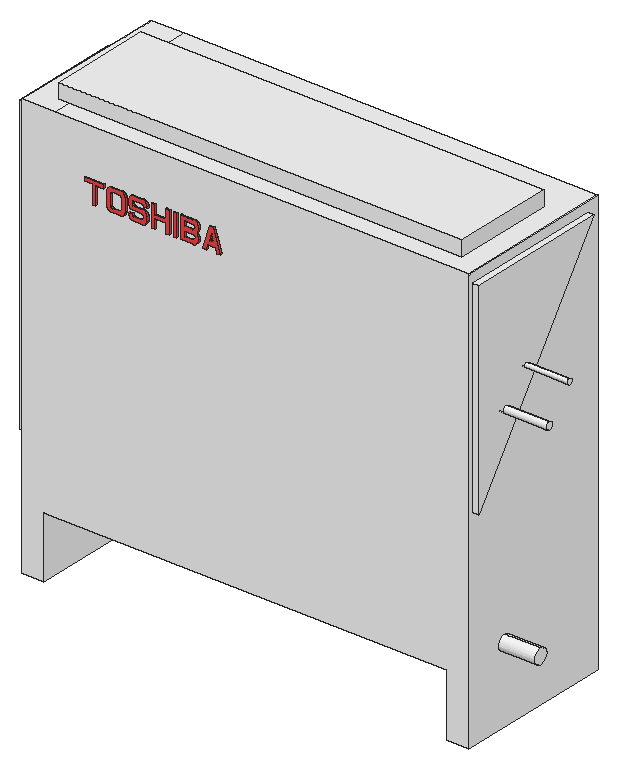
Revit family "VRF_MML1BH_07-12_Indoor Unit", category Mechanical Equipment, Revit 2017
Family settings
  Round Connector Dimension = Use Diameter
  Part Type = Breaks Into
  OmniClass Number = 23.75.00.00
  OmniClass Title = Climate Control (HVAC)
  Work Plane-Based = No
  Always vertical = Yes
  Cut with Voids When Loaded = No
  Shared = No
  Room Calculation Point = No
Parameters (values of type "MML-UP0071BH-E")
  Width (mm) = 735 mm
  Wholesaler Art. No. = ""
  Wholesaler = ""
  White = Colour RGB-255 255 255
  Weight (Kg) = "21"
  Watermarked By = ""
  Voltage (V) = "60Hz 220V"
  URL = "https://www.toshiba-carrier.co.jp/global/"
  Top Clearance [instance] = "Free"
  Static pressure Pa = "-"
  Starting current = "0.60"
  Stabu Code = ""
  Sound pressure  (dB)- Mid = "34"
  Sound pressure (dB)- Low = "32"
  Sound pressure  (dB)- High = "36"
  Running current-Heating = "-"
  Right Side Clearance [instance] = 220 mm
  Service Area [instance] = no
  Seasonal and Rated Efficiency = "-"
  Running current-Cooling (A) = "0.25"
  Revit Version = ""
  Refrigerant information = "R410A"
  Red = Colour RGB-255 000 000
  Rated efficiency = "-"
  Product Line = "TCC"  # constant formula
  Power consumption-Heating = "-"
  Power consumption-Cooling (Kw) = "0.056"
  Power Consumption W- Mid = "50"
  Power Consumption W- Low = "39"
  Power Consumption W- High = "56"
  Piping diameter Liquid (mm) = 6.4 mm
  Piping diameter Gas (mm) = 9.5 mm
  Part Load = "-"
  Model = "MML-UP0071BH-E"
  Manufacturer URL = "https://www.toshiba-carrier.co.jp/global/"
  Manufacturer Art. No. = "MML-UP0071BH-E"
  Manufacturer = "Toshiba"  # constant formula
  MOCP (A) = "15"
  MEPcontent Class = "HEATPUMP"  # constant formula
  MCA (A) = "0.36"
  Left Side Clearance [instance] = 220 mm
  Internal Art. No. = ""
  Height (mm) = 600 mm
  GTIN = ""
  GLN = ""
  Frequency (Hz) = "50Hz 220-240V"
  Family Version = ""
  Energy class = "-"
  ETIM Article Class = "EC001213"  # constant formula
  EMCS = "4"  # constant formula
  Duct diameters(mm) = "-"
  Drain pipe(mm) = "20"
  Description = "Console concealed"
  Depth (mm) = 220 mm
  Custom = yes
  Copyright = "©Toshiba / HCL"  # constant formula
  Content Supplier URL = "www.hcltech.com"
  Connectivity = "-"
  Compressor detail-Type = "-"
  Compressor detail-Motor output kW = "-"
  Capacity = "-"
  Capacities KW - Heating = "2.5"
  Capacities KW - Cooling = "2.2"
  CB-NL Class = ""
  Base Family Version = ""
  Article Type = "MML-UP0071BH-E"
  Article Description = "Console concealed"
  Airflow m3/h- Mid = "400"
  Airflow m3/h- Low = "300"
  Airflow m3/h- High = "460"
Types (4, lengths in mm): name | Static pressure Pa | Model | Manufacturer Art. No. | Capacities KW - Heating | Capacities KW - Cooling | Article Type
  (no name) | "-" | "MML-UP0071BH-E" | "MML-UP0071BH-E" | "2.5" | "2.2" | "MML-UP0071BH-E"
  MML-UP0071BH-E | "-" | "MML-UP0071BH-E" | "MML-UP0071BH-E" | "2.5" | "2.2" | "MML-UP0071BH-E"
  MML-UP0091BH-E | "-" | "MML-UP0091BH-E" | "MML-UP0091BH-E" | "3.2" | "2.8" | "MML-UP0091BH-E"
  MML-UP0121BH-E | "0" | "MML-UP0121BH-E" | "MML-UP0121BH-E" | "4" | "3.6" | "MML-UP0121BH-E"
Reference planes
  plane 1 "Center (Front/Back)": y = 0
  plane 2: z = 0
  plane 3: x = 1053.854
  plane 4: z = 600
  plane 5: z = 300
  plane 6: y = -110
  plane 7: x = 1358.854
  plane 8: y = 110
  plane 9: z = 85
  plane 10: x = 1503.854
  plane 11: z = 129
  plane 12: z = 531
  plane 13: x = 998.854
  plane 14: z = 580
  plane 15: z = 397
  plane 16: z = 436
Forms (mm)
  Extrusion 1, solid, material "Colour RGB-255 255 255"
    sketch origin (-2.896, 0, 0) x (1, 0, 0) y (0, 0, 1)
      loop
        arc (1057.349, 580) -> (1056.925, 579.824) -> (1056.749, 579.4) r 0.6
        line (1056.749, 579.4) -> (1056.749, 0) -> (1086.749, 0) -> (1086.749, 85) -> (1636.749, 85) -> (1636.749, 0) -> (1666.749, 0) -> (1666.749, 579.4)
        arc (1666.749, 579.4) -> (1666.574, 579.824) -> (1666.149, 580) r 0.6
        line (1666.149, 580) -> (1101.104, 580) -> (1057.349, 580)
    from -110 to 110
  Extrusion 2, solid, material "Colour RGB-255 255 255" <- "White", detail levels medium+fine
    sketch origin (1663.854, 5, 482.953) x (0, 0, 1) y (0, 1, 0)
      loop
        circle (-85.953, -65) r 4.75
      loop
        circle (-46.953, -30) r 3.2
    from 0 to -70
  Extrusion 3, solid, material "Colour RGB-255 255 255" <- "White", detail levels fine
    sketch origin (1663.854, 0, 482.953) x (0, 0, 1) y (0, 1, 0)
      loop
        line (84.593, 91) -> (-195.407, -105) -> (84.593, -105) -> (84.593, 91)
    from -10 to 0
  Extrusion 4, solid, material "Colour RGB-255 255 255" <- "White", detail levels medium+fine
    sketch origin (1663.854, 0, 482.953) x (0, 0, 1) y (0, 1, 0)
      loop
        circle (-378.953, -50) r 10
    from -50.037 to 0
  Extrusion 5, solid, material "Colour RGB-255 255 255" <- "White", detail levels medium+fine
    sketch origin (-261.673, -1524, -20.03) x (-1, 0, 0) y (0, -1, 0)
      loop
        line (-1260.527, -1629) -> (-1260.527, -1479) -> (-1315.527, -1479) -> (-1315.527, -1629) -> (-1260.527, -1629)
    from 149.03 to 551.03
  Extrusion 6, solid, material "Colour RGB-255 255 255" <- "White", detail levels fine
    sketch origin (1663.854, 0, 482.953) x (0, 0, 1) y (0, 1, 0)
      loop
        circle (-309.095, 62.441) r 20
      loop
        circle (-241.44, 61.944) r 20
    from 665 to 668.048
  Extrusion 7, solid, material "Colour RGB-255 255 255" <- "White", detail levels medium+fine
    sketch origin (-261.673, -1524, -20.03) x (-1, 0, 0) y (0, -1, 0)
      loop
        line (-1345.527, -1579) -> (-1345.527, -1439) -> (-1895.527, -1439) -> (-1895.527, -1579) -> (-1345.527, -1579)
    from 600.03 to 620.03
  Extrusion 8, solid, material "Colour RGB-255 000 000", detail levels fine
    sketch origin (1166.988, -125, 1081.564) x (-1, 0, 0) y (0, 0, -1)
      loop
        line (25.611, 565.476) -> (25.611, 570.476) -> (15.611, 570.476) -> (15.611, 595.476) -> (10.611, 595.476) -> (10.611, 570.476) -> (0.611, 570.476) -> (0.611, 565.476) -> (25.611, 565.476)
      loop
        arc (-42.389, 577.663) -> (-40.268, 576.785) -> (-39.389, 574.663) r 3
        line (-39.389, 574.663) -> (-39.389, 573.476)
        arc (-39.389, 573.476) -> (-40.268, 571.355) -> (-42.389, 570.476) r 3
        line (-42.389, 570.476) -> (-51.389, 570.476)
        arc (-51.389, 570.476) -> (-53.51, 571.355) -> (-54.389, 573.476) r 3
        line (-54.389, 573.476) -> (-59.389, 573.476) -> (-59.389, 571.476)
        arc (-59.389, 571.476) -> (-57.632, 567.233) -> (-53.389, 565.476) r 6
        line (-53.389, 565.476) -> (-40.389, 565.476)
        arc (-40.389, 565.476) -> (-36.146, 567.233) -> (-34.389, 571.476) r 6
        line (-34.389, 571.476) -> (-34.389, 576.663)
        arc (-34.389, 576.663) -> (-36.146, 580.906) -> (-40.389, 582.663) r 6
        line (-40.389, 582.663) -> (-51.389, 582.663)
        arc (-51.389, 582.663) -> (-53.51, 583.542) -> (-54.389, 585.663) r 3
        line (-54.389, 585.663) -> (-54.389, 587.476)
        arc (-54.389, 587.476) -> (-53.51, 589.597) -> (-51.389, 590.476) r 3
        line (-51.389, 590.476) -> (-42.377, 590.476)
        arc (-42.377, 590.476) -> (-40.264, 589.601) -> (-39.389, 587.488) r 2.988
        line (-39.389, 587.488) -> (-34.389, 587.488) -> (-34.389, 589.476)
        arc (-34.389, 589.476) -> (-36.146, 593.719) -> (-40.389, 595.476) r 6
        line (-40.389, 595.476) -> (-53.389, 595.476)
        arc (-53.389, 595.476) -> (-57.632, 593.719) -> (-59.389, 589.476) r 6
        line (-59.389, 589.476) -> (-59.389, 583.663)
        arc (-59.389, 583.663) -> (-57.632, 579.421) -> (-53.389, 577.663) r 6
        line (-53.389, 577.663) -> (-42.389, 577.663)
      loop
        line (-4.389, 571.476) -> (-4.389, 589.476)
        arc (-4.389, 589.476) -> (-6.146, 593.719) -> (-10.389, 595.476) r 6
        line (-10.389, 595.476) -> (-23.389, 595.476)
        arc (-23.389, 595.476) -> (-27.632, 593.719) -> (-29.389, 589.476) r 6
        line (-29.389, 589.476) -> (-29.389, 571.476)
        arc (-29.389, 571.476) -> (-27.632, 567.233) -> (-23.389, 565.476) r 6
        line (-23.389, 565.476) -> (-10.389, 565.476)
        arc (-10.389, 565.476) -> (-6.146, 567.233) -> (-4.389, 571.476) r 6
      loop
        line (-65.014, 565.476) -> (-65.014, 595.476) -> (-70.014, 595.476) -> (-70.014, 582.663) -> (-85.014, 582.663) -> (-85.014, 595.476) -> (-90.014, 595.476) -> (-90.014, 565.476) -> (-85.014, 565.476) -> (-85.014, 577.663) -> (-70.014, 577.663) -> (-70.014, 565.476) -> (-65.014, 565.476)
      loop
        line (-9.389, 573.476) -> (-9.389, 587.476)
        arc (-9.389, 587.476) -> (-10.268, 589.597) -> (-12.389, 590.476) r 3
        line (-12.389, 590.476) -> (-21.389, 590.476)
        arc (-21.389, 590.476) -> (-23.51, 589.597) -> (-24.389, 587.476) r 3
        line (-24.389, 587.476) -> (-24.389, 573.476)
        arc (-24.389, 573.476) -> (-23.51, 571.355) -> (-21.389, 570.476) r 3
        line (-21.389, 570.476) -> (-12.389, 570.476)
        arc (-12.389, 570.476) -> (-10.268, 571.355) -> (-9.389, 573.476) r 3
      loop
        line (-95.014, 565.476) -> (-95.014, 595.476) -> (-100.014, 595.476) -> (-100.014, 565.476) -> (-95.014, 565.476)
      loop
        line (-105.014, 565.476) -> (-105.014, 595.476) -> (-122.021, 595.476)
        arc (-122.021, 595.476) -> (-127.555, 593.253) -> (-130.014, 587.82) r 8
        arc (-130.014, 587.82) -> (-128.675, 583.565) -> (-125.141, 580.843) r 7.431
        arc (-125.141, 580.843) -> (-128.687, 578.103) -> (-130.014, 573.823) r 7.431
        arc (-130.014, 573.823) -> (-127.799, 567.943) -> (-122.021, 565.476) r 8
        line (-122.021, 565.476) -> (-105.014, 565.476)
      loop
        line (-110.014, 570.476) -> (-110.014, 577.663) -> (-121.446, 577.663)
        arc (-121.446, 577.663) -> (-125.04, 574.07) -> (-121.446, 570.476) r 3.594
        line (-121.446, 570.476) -> (-110.014, 570.476)
      loop
        line (-110.014, 582.976) -> (-110.014, 590.476) -> (-121.474, 590.476)
        arc (-121.474, 590.476) -> (-125.224, 586.726) -> (-121.474, 582.976) r 3.75
        line (-121.474, 582.976) -> (-110.014, 582.976)
      loop
        line (-145.014, 565.476) -> (-135.014, 595.476) -> (-140.284, 595.476) -> (-142.472, 588.913) -> (-152.556, 588.913) -> (-154.743, 595.476) -> (-160.014, 595.476) -> (-150.014, 565.476) -> (-145.014, 565.476)
      loop
        line (-144.139, 583.913) -> (-150.889, 583.913) -> (-147.514, 573.787) -> (-144.139, 583.913)
    from -15 to -13
Dimensions and locks
  "Height (mm)": plane 4 to plane 2
  "Depth (mm)": plane 8 to plane 6
  locked: plane 9 to plane 2 at 85
  plane 11 to plane 2 = 129 mm
  plane 12 to plane 11 = 402 mm
  locked: plane 13 to plane 3 at 55
  locked: plane 4 to plane 14 at 20
  "Width (mm)": plane 13 to Extrusion 2
  Extrusion 7 to Extrusion 7 = 550 mm
  plane 13 to Extrusion 7 = 85 mm
  Extrusion 7 to Extrusion 2 = 100 mm
  plane 4 to level = 600 mm
  Extrusion 2 to Extrusion 1 = 135 mm
  Extrusion 2 to Extrusion 1 = 170 mm
  plane 15 to level = 397 mm
  plane 16 to level = 436 mm
  aligned and locked: level to plane 2
  aligned and locked: plane 8 to Extrusion 1
  aligned and locked: Extrusion 2 to Extrusion 1
  aligned and locked: plane 8 to nested 1
  aligned and locked: Extrusion 1 sketch curve to plane 3
  aligned and locked: Extrusion 1 to plane 9
  aligned and locked: Extrusion 5 sketch curve to plane 3
  aligned and locked: plane 11 to Extrusion 5
  aligned and locked: Extrusion 5 to plane 12
  aligned and locked: nested 1 to Extrusion 5
  aligned and locked: nested 1 to Extrusion 6
  aligned and locked: plane 14 to Extrusion 1 sketch curve
  aligned and locked: Extrusion 7 to Extrusion 1
  aligned and locked: Extrusion 1 to nested 1
Automatic sketch dimensions
  plane 1 "Center (Front/Back)" to Extrusion 2 sketch curve = 25 mm
  Extrusion 2 sketch curve to Extrusion 2 sketch curve = 39 mm
  plane 1 "Center (Front/Back)" to Extrusion 2 sketch curve = 60 mm
  Extrusion 1 sketch curve to level = 0 mm  (x2)
  Extrusion 1 sketch curve to plane 9 = 0 mm
  plane 3 to Extrusion 1 sketch curve = 0.6 mm
  Extrusion 1 sketch curve to Extrusion 1 sketch curve = 30 mm
  Extrusion 1 sketch curve to Extrusion 1 sketch curve = 43.754 mm
  Extrusion 3 sketch curve to plane 6 = 5 mm
  Extrusion 3 sketch curve to plane 5 = 12.455 mm
  Extrusion 3 sketch curve to plane 4 = 32.455 mm
  Extrusion 3 sketch curve to plane 8 = 19 mm
  plane 5 to Extrusion 2 sketch curve = 97 mm
  plane 9 to Extrusion 4 sketch curve = 19 mm
  plane 1 "Center (Front/Back)" to Extrusion 4 sketch curve = 50 mm
  Extrusion 5 sketch curve to Extrusion 5 sketch curve = 55 mm
  Extrusion 5 sketch curve to plane 8 = 5 mm
  plane 1 "Center (Front/Back)" to Extrusion 5 sketch curve = 45 mm
  plane 11 to Extrusion 6 sketch curve = 44.858 mm
  Extrusion 6 sketch curve to plane 5 = 58.487 mm
  Extrusion 6 sketch curve to plane 8 = 48.056 mm
  Extrusion 6 sketch curve to plane 8 = 47.559 mm
  plane 3 to Extrusion 7 sketch curve = 30 mm
  Extrusion 7 sketch curve to plane 1 "Center (Front/Back)" = 55 mm
  Extrusion 7 sketch curve to plane 6 = 25 mm
  plane 7 to Extrusion 8 sketch curve = 31.851 mm
  Extrusion 8 sketch curve to Extrusion 8 sketch curve = 5.27 mm  (x2)
  Extrusion 8 sketch curve to Extrusion 8 sketch curve = 2.187 mm  (x2)
  Extrusion 8 sketch curve to Extrusion 8 sketch curve = 1.667 mm  (x2)
  Extrusion 8 sketch curve to Extrusion 8 sketch curve = 0.875 mm
  Extrusion 8 sketch curve to Extrusion 8 sketch curve = 2.5 mm
  plane 12 to Extrusion 8 sketch curve = 14.911 mm
  Extrusion 8 sketch curve to Extrusion 8 sketch curve = 5 mm  (x22)
  Extrusion 8 sketch curve to Extrusion 8 sketch curve = 6.751 mm
  Extrusion 8 sketch curve to Extrusion 8 sketch curve = 12.431 mm
  Extrusion 8 sketch curve to Extrusion 8 sketch curve = 0 mm  (x10)
  Extrusion 8 sketch curve to Extrusion 8 sketch curve = 0.561 mm  (x2)
  Extrusion 8 sketch curve to Extrusion 8 sketch curve = 1.109 mm
  Extrusion 8 sketch curve to Extrusion 8 sketch curve = 0.575 mm
  Extrusion 8 sketch curve to Extrusion 8 sketch curve = 11.46 mm
  Extrusion 8 sketch curve to Extrusion 8 sketch curve = 11.432 mm
  Extrusion 8 sketch curve to Extrusion 8 sketch curve = 15 mm  (x2)
  Extrusion 8 sketch curve to Extrusion 8 sketch curve = 10.625 mm
  Extrusion 8 sketch curve to Extrusion 8 sketch curve = 5.625 mm
  Extrusion 8 sketch curve to Extrusion 8 sketch curve = 1 mm  (x10)
  Extrusion 8 sketch curve to Extrusion 8 sketch curve = 2 mm  (x10)
  Extrusion 8 sketch curve to Extrusion 8 sketch curve = 9 mm  (x3)
  Extrusion 8 sketch curve to Extrusion 8 sketch curve = 9.012 mm
  Extrusion 8 sketch curve to Extrusion 8 sketch curve = 1.988 mm
  Extrusion 8 sketch curve to Extrusion 8 sketch curve = 10 mm
  plane 12 to Extrusion 8 sketch curve = 19.911 mm  (x2)
  Extrusion 8 sketch curve to Extrusion 8 sketch curve = 3 mm  (x2)
  Extrusion 8 sketch curve to Extrusion 8 sketch curve = 8.311 mm
  Extrusion 8 sketch curve to Extrusion 8 sketch curve = 0.39 mm
  Extrusion 8 sketch curve to Extrusion 8 sketch curve = 0.594 mm
  Extrusion 8 sketch curve to Extrusion 8 sketch curve = 1.188 mm
  Extrusion 8 sketch curve to Extrusion 8 sketch curve = 5.312 mm
  Extrusion 8 sketch curve to Extrusion 8 sketch curve = 10.126 mm
  Extrusion 8 sketch curve to Extrusion 8 sketch curve = 3.75 mm
  Extrusion 8 sketch curve to Extrusion 8 sketch curve = 0.75 mm
  Extrusion 8 sketch curve to Extrusion 8 sketch curve = 1.812 mm
  Extrusion 8 sketch curve to Extrusion 8 sketch curve = 0.012 mm
  Extrusion 8 sketch curve to Extrusion 8 sketch curve = 0.344 mm
  Extrusion 8 sketch curve to Extrusion 8 sketch curve = 6 mm  (x2)
  Extrusion 8 sketch curve to Extrusion 8 sketch curve = 12.812 mm
  Extrusion 8 sketch curve to Extrusion 8 sketch curve = 6.562 mm
  Extrusion 8 sketch curve to Extrusion 8 sketch curve = 7.656 mm
  Extrusion 8 sketch curve to Extrusion 8 sketch curve = 12.188 mm  (x2)
  Extrusion 8 sketch curve to Extrusion 8 sketch curve = 7.431 mm
  plane 10 to Extrusion 1 sketch curve = 130 mm
  Extrusion 1 sketch curve to plane 14 = 0.6 mm
  plane 10 to Extrusion 1 sketch curve = 159.4 mm
  plane 10 to Extrusion 7 sketch curve = 130 mm
  radius of Extrusion 2 sketch curve = 4.75 mm
  radius of Extrusion 2 sketch curve = 3.2 mm
  radius of Extrusion 4 sketch curve = 10 mm
  radius of Extrusion 6 sketch curve = 20 mm  (x2)
Nested families
  nested 1: "SERVICE AREA" at (1336.354, 0, -20), visible <- "Service Area", Service Area <- "Service Area", type "SERVICE AREA"
    with Top Clearance "Free", Service Area no, Right Side Clearance 210 mm
Connectors
  piping at (1733.854, -25, 436), diameter 6.4
    settings: on Extrusion 2, index 2, connector inside diameter 609.6 mm, connector length 0 mm, flow factor 0, pipe flow 0.0 L/s, pressure drop 0.0 Pa, fitting loss kfactor 0, connector angle 0.00°, fixture units 0, engagement length 0 mm, angle of deflection 0.00°, flow configuration 0, flow direction 1, fitting loss method 0, system type 7, joint type 0, gender type 0, connector reference index -1, connector utility 0, adjustable connector no, is connector primary yes, connector description "HYDRONIC SUPPLY (LIQUID) PORT @ 6.4mm"
  piping at (1733.854, -60, 397), diameter 9.5
    settings: on Extrusion 2, index 4, connector inside diameter 609.6 mm, connector length 0 mm, flow factor 0, pipe flow 0.0 L/s, pressure drop 0.0 Pa, fitting loss kfactor 0, connector angle 0.00°, fixture units 0, engagement length 0 mm, angle of deflection 0.00°, flow configuration 0, flow direction 2, fitting loss method 0, system type 8, joint type 0, gender type 0, connector reference index -1, connector utility 0, adjustable connector no, is connector primary no, connector description "HYDRONIC RETURN (GAS) PORT @ 9.5 mm"
  piping at (1713.89, -50, 104), diameter 20
    settings: on Extrusion 4, index 8, connector inside diameter 609.6 mm, connector length 0 mm, flow factor 0, pipe flow 0.0 L/s, pressure drop 0.0 Pa, fitting loss kfactor 0, connector angle 0.00°, fixture units 0, engagement length 0 mm, angle of deflection 0.00°, flow configuration 0, flow direction 2, fitting loss method 0, system type 17, joint type 0, gender type 0, connector reference index -1, connector utility 0, adjustable connector no, is connector primary no, connector description "DRAIN PORT"
  electrical at (995.806, 62.441, 173.858)
    settings: on Extrusion 6, index 9, voltage 0 V, apparent load 0 VA, apparent load phase1 0 VA, apparent load phase2 0 VA, apparent load phase3 0 VA, power factor 1, load classification "Other", number of poles 1, system type 31, power factor state 1, is connector primary yes, connector utility no, sub classification motor no, connector description "ELECTRICAL CONNECTOR"
  electrical at (995.806, 61.944, 241.513)
    settings: on Extrusion 6, index 10, voltage 0 V, apparent load 0 VA, apparent load phase1 0 VA, apparent load phase2 0 VA, apparent load phase3 0 VA, power factor 1, load classification "Other", number of poles 1, system type 13, power factor state 1, is connector primary no, connector utility no, sub classification motor no, connector description "CONTROL CABLE PORT"
Definition of nested family "SERVICE AREA"
  Parameters (values of type "SERVICE AREA")
    Top Clearance [instance] = "Free"
    Right Side Clearance [instance] = 220 mm
    Service Area [instance] = yes
    Left Side Clearance = 220 mm
  Reference planes
    plane 1 "Center (Front/Back)": y = 0
    plane 2: z = 0
    plane 3 "Center (Left/Right)": x = 0
    plane 4: z = 600
    plane 5: x = -337.5
    plane 6: x = 337.5
    plane 7: x = 557.5
    plane 8: x = -557.5
    plane 9: y = -110
    plane 10: y = 110
  Forms (mm)
    Extrusion 1, solid, visible <- "Service Area"
      sketch origin (0, 0, 0) x (1, 0, 0) y (0, 1, 0)
        loop
          line (-557.5, 110) -> (-557.5, -110) -> (-337.5, -110) -> (-337.5, 110) -> (-557.5, 110)
        loop
          line (337.5, 110) -> (337.5, -110) -> (557.5, -110) -> (557.5, 110) -> (337.5, 110)
      from 0 to 600
  Dimensions and locks
    "Right Side Clearance": plane 6 to plane 7
    locked: plane 4 to plane 2 at 600
    equal spacing: plane 5, plane 3 "Center (Left/Right)", plane 6, locked at 337.5 each
    locked: plane 5 to plane 6 at 675
    locked: plane 10 to plane 9 at 220
    equal spacing: plane 10, plane 1 "Center (Front/Back)", plane 9, locked at 110 each
    "Left Side Clearance": plane 8 to plane 5
    aligned and locked: level to plane 2
    aligned and locked: Extrusion 1 sketch curve to plane 7
    aligned and locked: Extrusion 1 to plane 8
    aligned and locked: Extrusion 1 to plane 4
    aligned and locked: Extrusion 1 to plane 9  (x2)
  Automatic sketch dimensions
    Extrusion 1 sketch curve to plane 5 = 220 mm
    Extrusion 1 sketch curve to plane 6 = 0 mm
    Extrusion 1 sketch curve to plane 1 "Center (Front/Back)" = 110 mm  (x2)
    plane 1 "Center (Front/Back)" to Extrusion 1 sketch curve = 110 mm  (x2)
    Extrusion 1 sketch curve to plane 5 = 0 mm
